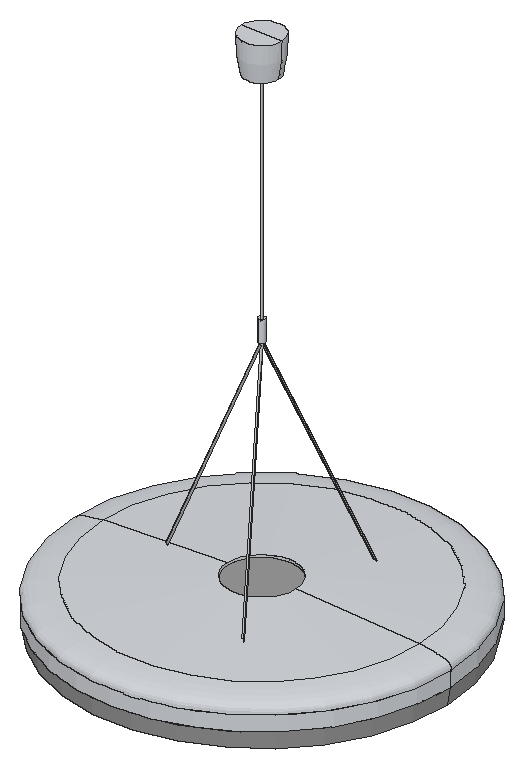
Revit family "A35-P555 BL 4700 HF 830_Unhosted", category Lighting Fixtures, Revit 2016
Family settings
  Part Type = Normal
  Round Connector Dimension = Use Diameter
  OmniClass Number = 23.80.70.00
  OmniClass Title = Lighting
  Work Plane-Based = No
  Always vertical = Yes
  Cut with Voids When Loaded = No
  Light Source = Yes
  Shared = No
  Room Calculation Point = No
Parameters
  Wiring Accessories = ""
  Wattage Comments = ""
  Wattage = 38 W
  VoltageMax = 240 V
  built-in parameter 1150110 = 1 (stored number, unit not read)
  Voltage = 220 V
  UpdateDate = "25.01.2021 10:33:40"
  URL UK = "http://glamox.com/uk/products/A35-P"
  URL Sweden = "http://glamox.com/se/produkter/A35-P/items/A35538862"
  URL Russia = "http://glamox.com/ru/products/A35-P"
  URL Other = "http://glamox.com/gsx/products/A35-P"
  URL Norway = "http://glamox.com/no/produkter/A35-P/items/A35538862"
  URL Ireland = "http://glamox.com/ie/products/A35-P"
  URL Germany = "http://glamox.com/de/products/A35-P/items/A35538862"
  URL Finland = "http://glamox.com/fi/products/A35-P"
  URL Estonia = "http://glamox.com/ee/products/A35-P"
  URL Denmark = "http://glamox.com/dk/produkter/A35-P/items/A35538862"
  URL = ""
  TypeOfEmergency = ""
  TypeOfBallast = ""
  TotalWattage = 38 W
  Total Load = 38 W
  built-in parameter 1114217 = 1 (stored number, unit not read)
  Termination = "5x2x2,5 PI"
  Specification = "False"
  Remark = ""
  RatedVoltage = 220 V
  PowerFactor = 98.00%
  Plug Type = ""
  Optic = "OP"
  NominalFrequencyRange = 50 Hz
  ModelReference = "A35-P"
  ModelLabel = "A35-P555 BL 4700 HF 830"
  Maximum TA = 25
  MaintenanceFactor = 0
  MFArtNo = "A35538862"
  LightFixturePlacingType = "CEILING"
  LightFixtureMountingType = "SUSPENDED"
  LampBase = ""
  Lamp Wattage Comments = ""
  IP_Code = "20"
  IPClass = "20"
  IK_Code = ""
  IFC Classification = "Light Fixture"
  GlobalTradeItemNumber = "4741145388627"
  Glamox Mounting = "Pendant"
  Glamox Family = "A35-P"
  Glamox Category = "Architectural"
  FrequencyMax = 60 Hz
  Frequency = 50 Hz
  Expired = "0"
  ELNo Norway = ""
  ELNo Finland = ""
  EANNo = "4741145388627"
  DurationInBatteryMode = ""
  DistancefFromCeiling = 800 mm
  Distance2 = Radius * 0.78  # 216.45 mm
  Tilt Angle = 90.00°
  built-in parameter 1150109 = 1 (stored number, unit not read)
  built-in parameter 1150134 = (empty or 0)
  built-in parameter 1150113 = 1 (stored number, unit not read)
  Power Factor = 0.98
  Photometric Web File = "A35-P555-4700-830.ies"
  Number of Poles = 1
  LumDiameter = Diameter  # 555 mm
  Load Classification [instance] = Lighting
  Model = ""
  Manufacturer = "Glamox"
  Lumens = 4470 lm
  built-in parameter 1150115 = 1 (stored number, unit not read)
  built-in parameter 1150105 = 355.71 (stored number, unit not read)
  built-in parameter 1150137 = (empty or 0)
  built-in parameter 1150139 = (empty or 0)
  built-in parameter 1150112 = 1 (stored number, unit not read)
  built-in parameter 1150114 = 1 (stored number, unit not read)
  Lamp = "LED"
  built-in parameter 1150132 = 2
  built-in parameter 1150102 = (empty or 0)
  built-in parameter 1150138 = (empty or 0)
  built-in parameter 1150107 = 3000 (stored number, unit not read)
  built-in parameter 1150106 = 3.5571 (stored number, unit not read)
  Height = 86 mm
  Emit from Circle Diameter = LumDiameter  # 555 mm
  Emit Shape Visible in Rendering = yes
  built-in parameter 1150104 = 10.928 (stored number, unit not read)
  Dimming Lamp Color Temperature Shift = Incandescent Lamp Curve
  Diameter = 555 mm
  Description = "A35-P555 BL 4700 HF 830"
  Cut Out = ""
  Completion = ""
  Color Filter = 16777215
  Radius = Diameter / 2  # 277.5 mm
  Body Material and Colour = Default
  built-in parameter 1114218 = 1 (stored number, unit not read)
  built-in parameter 1150133 = 10 (stored number, unit not read)
  Assembly Code = ""
  ArticleNumber = "A35538862"
  Apparent Load = Total Load / Power Factor  # 38.7755 VA
  #Ballast = 1
Reference planes
  plane 1 "Light Source Axis (F/B)": y = 292.909
  plane 2: z = 0
  plane 3 "Light Source Axis (L/R)": x = 0
  plane 4 "Light Source Elevation": z = -86
  plane 5: x = -273.5
  plane 6: z = -27
  plane 7: z = -8
  plane 8: x = -232.5
  plane 9: z = -3
  plane 10: x = -277.5
  plane 11: z = -73
  plane 12: z = -49
  plane 13: z = 339
  plane 14: z = 309
  plane 15: z = 714
  plane 16: z = 654
  plane 17: z = 662
  plane 18: x = -30
  plane 19: x = -5
  plane 20: through (0, 291.409, 1200) normal (-0.866, 0.5, 0)
  plane 21: through (0, 291.409, 1200) normal (0.866, 0.5, 0)
  plane 22: through (57.783, 421.207, 1200) normal (0.5, 0.866, 0)
  plane 23: through (90.433, 183.463, 1200) normal (0.5, -0.866, 0)
  plane 24: x = -140
Forms (mm)
  Extrusion 1, solid, not visible
    sketch origin (0, 0, 0) x (1, 0, 0) y (0, 1, 0)
      loop
        circle (67.5, 0) r 8
      loop
        circle (-33.75, 58.457) r 8
      loop
        circle (-33.75, -58.457) r 8
    from 0 to 2
  Revolve 2, solid, not visible
    sketch origin (0, 0, 0) x (1, 0, 0) y (0, 0, 1)
      loop
        line (-87.5, 2) -> (0, 2) -> (0, 30) -> (-107.5, 30)
        arc (-107.5, 30) -> (-102.36, 12.528) -> (-87.5, 2) r 27.766
      axis (0, 30) -> (0, 2)
    angle from 0 to 360
  Revolve 3, solid, not visible
    sketch origin (0, 0, 0) x (1, 0, 0) y (0, 0, 1)
      loop
        line (-107.5, 30) -> (0, 30) -> (0, 68)
        arc (0, 68) -> (-49.739, 64.357) -> (-97.5, 50) r 228.307
        arc (-97.5, 50) -> (-104.657, 41.079) -> (-107.5, 30) r 27.118
      axis (0, 68) -> (0, 30)
    angle from 0 to 360
  Revolve 4, solid
    sketch origin (0, 292.909, 0) x (1, 0, 0) y (0, 0, 1)
      loop
        line (-277.5, -27) -> (-277.5, -49) -> (-273.5, -73)
        arc (-273.5, -73) -> (-136.913, -82.919) -> (0, -86) r 2739.468
        line (0, -86) -> (0, 0)
        arc (0, 0) -> (-116.345, -1.236) -> (-232.5, -8) r 2447.608
        spline (-232.5, -8) -> (-242.267, -9.15) -> (-250.514, -10.377) -> (-257.369, -11.682) -> (-262.958, -13.066) -> (-267.411, -14.528) -> (-270.856, -16.07) -> (-273.419, -17.691) -> (-275.229, -19.392) -> (-276.415, -21.173) -> (-277.103, -23.034) -> (-277.422, -24.976) -> (-277.5, -27)
      axis (0, 0) -> (0, -86)
    angle from 0 to 360
  Extrusion 5, void
    sketch origin (0, 0, -86) x (0, -1, 0) y (1, 0, 0)
      loop
        circle (-292.909, 0) r 50
    from 83 to 93.204
  Extrusion 6, solid
    sketch origin (0, 0, -86) x (0, -1, 0) y (1, 0, 0)
      loop
        circle (-292.909, 0) r 5
    from 395 to 425
  Extrusion 7, solid
    sketch origin (0, 0, -86) x (0, -1, 0) y (1, 0, 0)
      loop
        circle (-292.909, 0) r 5
    from 740 to 748
  Revolve 8, solid
    sketch origin (0, 292.909, 0) x (1, 0, 0) y (0, 0, 1)
      loop
        line (0, 662) -> (0, 714) -> (-30, 714)
        arc (-30, 714) -> (-28.869, 687.832) -> (-24.535, 662) r 212.981
        line (-24.535, 662) -> (0, 662)
      axis (0, 714) -> (0, 662)
    angle from 0 to 360
  Extrusion 9, solid
    sketch origin (0, 0, -86) x (0, -1, 0) y (1, 0, 0)
      loop
        circle (-292.909, 0) r 1.5
    from 425 to 740
  Blend 10, solid
    base sketch origin (0, 0, -86) x (0, -1, 0) y (1, 0, 0)
      loop
        circle (-292.909, -140) r 1.5
    top sketch origin (0, 0, -86) x (0, -1, 0) y (1, 0, 0)
      loop
        circle (-292.909, 0) r 1.5
    from 78 to 395
  Blend 11, solid
    base sketch origin (254.427, 437.988, -86) x (0.868632, 0.495459, 0) y (-0.495459, 0.868632, 0)
      loop
        circle (-292.909, -140) r 1.5
    top sketch origin (254.427, 437.988, -86) x (0.868632, 0.495459, 0) y (-0.495459, 0.868632, 0)
      loop
        circle (-292.909, 0) r 1.5
    from 78 to 395
  Blend 12, solid
    base sketch origin (-252.914, 440.664, -86) x (-0.863396, 0.504528, 0) y (-0.504528, -0.863396, 0)
      loop
        circle (-292.909, -140) r 1.5
    top sketch origin (-252.914, 440.664, -86) x (-0.863396, 0.504528, 0) y (-0.504528, -0.863396, 0)
      loop
        circle (-292.909, 0) r 1.5
    from 78 to 395
Cuts and joins
  Extrusion 5 cuts Revolve 4
Lines and regions (mm)
  symbolic lines
    curve 1: arc (-277.5, 292.909, -86) -> (0, 570.409, -86) -> (277.5, 292.909, -86) r 277.5
    curve 2: arc (277.5, 292.909, -86) -> (0, 15.409, -86) -> (-277.5, 292.909, -86) r 277.5
    curve 3: line (0, 292.909, -86) -> (196.222, 489.132, -86)
    curve 4: line (0, 292.909, -86) -> (196.222, 96.687, -86)
    curve 5: line (0, 292.909, -86) -> (-196.222, 96.687, -86)
    curve 6: line (0, 292.909, -86) -> (-196.222, 489.132, -86)
    curve 7: circle (0, 292.909, -86) r 25 normal (0, 0, -1)
Dimensions and locks
  "Radius": plane 3 "Light Source Axis (L/R)" to plane 10
  locked: plane 5 to plane 10 at 4
  locked: plane 8 to plane 10 at 45
  locked: plane 2 to plane 9 at 3
  locked: plane 9 to plane 7 at 5
  locked: plane 9 to plane 6 at 24
  locked: plane 6 to plane 12 at 22
  locked: plane 12 to plane 11 at 24
  "Height": plane 2 to plane 4 "Light Source Elevation"
  locked: plane 13 to plane 14 at 30
  locked: plane 13 to plane 4 "Light Source Elevation" at 425
  locked: plane 15 to plane 16 at 60
  locked: plane 17 to plane 16 at 8
  "DistancefFromCeiling": plane 15 to plane 4 "Light Source Elevation"
  locked: plane 3 "Light Source Axis (L/R)" to plane 18 at 30
  locked: plane 3 "Light Source Axis (L/R)" to plane 19 at 5
  locked: plane 1 "Light Source Axis (F/B)" to curve 3 (angle 45.00°)
  locked: curve 4 to plane 1 "Light Source Axis (F/B)" (angle 45.00°)
  locked: curve 5 to curve 4 (angle 90.00°)
  locked: curve 3 to curve 6 (angle 90.00°)
  aligned and locked: plane 1 "Light Source Axis (F/B)" to imposter light
  aligned and locked: plane 4 "Light Source Elevation" to imposter light
  aligned and locked: Revolve 4 sketch curve to plane 10
  aligned and locked: plane 6 to Revolve 4 sketch curve
  aligned and locked: plane 12 to Revolve 4 sketch curve
  aligned and locked: plane 11 to Revolve 4 sketch curve
  aligned and locked: plane 4 "Light Source Elevation" to Revolve 4 sketch curve
  aligned and locked: Revolve 4 sketch curve to plane 3 "Light Source Axis (L/R)"
  aligned and locked: curve 1 to Revolve 4
  aligned and locked: curve 2 to Revolve 4
  aligned and locked: Revolve 4 sketch curve to Revolve 4 sketch curve
  aligned and locked: plane 8 to Revolve 4 sketch curve
  aligned and locked: plane 9 to Extrusion 5
  aligned and locked: plane 13 to Extrusion 6
  aligned and locked: Extrusion 6 to plane 14
  aligned and locked: plane 17 to Extrusion 7
  aligned and locked: plane 16 to Extrusion 7
  aligned and locked: Extrusion 9 to plane 16
  aligned and locked: Extrusion 9 to plane 13
  aligned and locked: Blend 10 sketch curve to Extrusion 9  (x2)
  aligned and locked: plane 14 to Blend 10
  aligned and locked: Blend 10 to plane 7
  aligned and locked: plane 14 to Blend 11
  aligned and locked: Blend 11 to plane 7
Automatic sketch dimensions
  plane 1 "Light Source Axis (F/B)" to Extrusion 5 sketch curve = 0 mm
  Extrusion 5 sketch curve to plane 3 "Light Source Axis (L/R)" = 0 mm
  plane 1 "Light Source Axis (F/B)" to Extrusion 6 sketch curve = 0 mm
  Extrusion 6 sketch curve to plane 3 "Light Source Axis (L/R)" = 0 mm
  plane 1 "Light Source Axis (F/B)" to Extrusion 7 sketch curve = 0 mm
  Extrusion 7 sketch curve to plane 3 "Light Source Axis (L/R)" = 0 mm
  Revolve 8 sketch curve to plane 15 = 0 mm
  Revolve 8 sketch curve to plane 18 = 0 mm
  Revolve 8 sketch curve to plane 3 "Light Source Axis (L/R)" = 0 mm
  Revolve 8 sketch curve to plane 17 = 0 mm
  Revolve 8 sketch curve to plane 15 = 3.906 mm
  plane 3 "Light Source Axis (L/R)" to Revolve 8 sketch curve = 182.945 mm
  plane 1 "Light Source Axis (F/B)" to Extrusion 9 sketch curve = 0 mm
  Extrusion 9 sketch curve to plane 3 "Light Source Axis (L/R)" = 0 mm
  plane 1 "Light Source Axis (F/B)" to Blend 10 sketch curve = 0 mm
  Blend 10 sketch curve to plane 24 = 0 mm
  Revolve 4 sketch curve to plane 5 = 0 mm
  Revolve 4 sketch curve to plane 7 = 0 mm
  Revolve 4 sketch curve to level = 0 mm
  Revolve 4 sketch curve to plane 18 = 2.176 mm
  Revolve 4 sketch curve to plane 19 = 1.847 mm
  plane 4 "Light Source Elevation" to Revolve 4 sketch curve = 190.696 mm
  Revolve 4 sketch curve to Revolve 4 sketch curve = 740.025 mm
  Blend 11 sketch curve to plane 21 = 0.009 mm
  plane 23 to Blend 11 sketch curve = 0.036 mm
  Blend 11 sketch curve to Blend 11 sketch curve = 0 mm  (x2)
  Blend 11 sketch curve to plane 3 "Light Source Axis (L/R)" = 0.003 mm
  plane 1 "Light Source Axis (F/B)" to Blend 11 sketch curve = 0.046 mm
  Blend 11 sketch curve to Blend 11 sketch curve = 1.5 mm
  plane 20 to Blend 12 sketch curve = 0.019 mm
  Blend 12 sketch curve to plane 22 = 0.033 mm
  Blend 12 sketch curve to Blend 12 sketch curve = 0 mm  (x2)
  Blend 12 sketch curve to plane 3 "Light Source Axis (L/R)" = 0.017 mm
  plane 1 "Light Source Axis (F/B)" to Blend 12 sketch curve = 0.026 mm
  Blend 12 sketch curve to Blend 12 sketch curve = 1.5 mm
  curve 1 to curve 7 = 0 mm  (x2)
  plane 1 "Light Source Axis (F/B)" to curve 3 = 0 mm
  curve 3 to plane 3 "Light Source Axis (L/R)" = 0 mm
  radius of Extrusion 5 sketch curve = 50 mm
  radius of Extrusion 6 sketch curve = 5 mm
  radius of Extrusion 7 sketch curve = 5 mm
  radius of Extrusion 9 sketch curve = 1.5 mm
  radius of Blend 10 sketch curve = 1.5 mm
  radius of Blend 11 sketch curve = 1.5 mm
  radius of Blend 12 sketch curve = 1.5 mm
  radius of curve 7 = 25 mm
Connectors
  electrical at (0, 292.909, 714), driven by "Load Classification", driven by "Voltage", driven by "Apparent Load", driven by "Power Factor"
    settings: on Revolve 8, index 1, voltage 220 V, apparent load 0 VA, apparent load phase1 38.7755 VA, apparent load phase2 0 VA, apparent load phase3 0 VA, power factor 0.98, load classification "Lighting", number of poles 1, system type 31, power factor state 1, is connector primary yes, connector utility no, sub classification motor no, connector description ""
